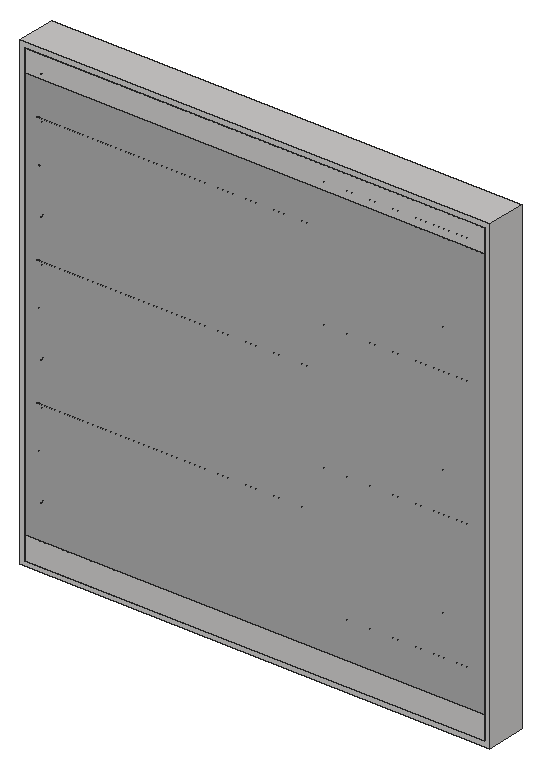
Revit family
Parameters (values of type "Louver_Frmd-Mtl_SFJ-445_All-Lite")
  URL = "http://www.alllite-louvers.com"
  Specifications = "http://www.alllite-louvers.com/catalog/ASFJ-445-csi-specification.doc"
  Spacing = 0.386 ft
  SmartBIM Object Version = 3  # constant formula
  SmartBIM Object Created By = "Reed Construction Data"  # constant formula
  Shim Thickness = 0.042 ft
  Screen Width = Width - (2 * Shim Thickness)  # 3.916 ft
  Screen Height = Height - ((2 * 0.197917 ft) + (2 * Shim Thickness))  # 3.520167 ft
  Screen = Aluminum
  Rough Width = 0.0 ft
  Rough Height = 0.0 ft
  Product URL = "http://www.alllite-louvers.com/catalog.php?model=SFJ-445"
  Pressure Loss (in.wg.) = "0.13"  # constant formula
  OmniClass Title = "Exterior Louvers and Grilles"  # constant formula
  OmniClass Code = "23-60 11 17"  # constant formula
  Model Number = "SFJ-445"  # constant formula
  Minimum Size = "12\" x 12\""
  Maximum Size - Single Section = "60\" x 120\" or 120\" x 60\""
  Maximum Size - Multiple Section = "Unlimited"
  Manufacturer = "All-Lite"  # constant formula
  Louver Width = Width - (2 * Shim Thickness) - 0.166667 ft  # 3.749333 ft
  Louver = Galvannealed Steel
  Height = 4.0 ft
  Free Area for 48”x48” Louver = "48.0%"
  Free Area Velocity (fpm) = "775"  # constant formula
  Free Area (ft²) for 48"x48" Louver = 7.7 ft
  Frame = Galvannealed Steel
  Default Sill Height = 3.0 ft
  Wall Closure = (empty or 0)
  Width = 4.0 ft
  Cut Sheet = "http://www.alllite-louvers.com/catalog/ASFJ445.pdf"
  Assembly Code = "B2010300"
  Air Volume Delivered (cfm) = "5,991"  # constant formula
  95 CSI = "10200 "  # constant formula
  04 CSI = "08 91 00"  # constant formula
  # of Louvers = (Height - 0.25 ft) / (Spacing)  # 10
Reference planes (ft)
  plane 1 "Center (Front/Back)": y = 0
  plane 2: z = 0.291667
  plane 3 "Center (Left/Right)": x = 0
  plane 4 "Left": x = -2
  plane 5 "Right": x = 2
  plane 6 "Sill": z = 3.291667
  plane 7 "Top": z = 7.291667
  plane 8: x = -1.958
  plane 9: x = 1.958
  plane 10: z = 7.249667
  plane 11: z = 3.333667
  plane 12: z = 5.291667
  plane 13: z = 3.417
  plane 14: z = 3.458667
  plane 15: z = 7.166333
Forms (ft)
  Sweep 1, solid, material "Galvannealed Steel" <- "Frame"
    path origin (-5, 0.333333, 0) x (-1, 0, 0) y (0, 0, 1)
      loop
        line (-6.958, 7.249667) -> (-3.042, 7.249667)
    profile "Horizontal Mullion : Horizontal Mullion" origin (0, 0.333333, 7.249667) x (0, 0, 1) y (0, 1, 0)
      loop
        line (0, 0) -> (-0.083333, 0) -> (-0.083333, -0.333211) -> (-0.197917, -0.333211) -> (-0.197917, -0.339961) -> (0, -0.339961) -> (0, -0.298295) -> (-0.00675, -0.298295) -> (-0.00675, -0.333211) -> (-0.076583, -0.333211) -> (-0.076583, -0.006628) -> (-0.00675, -0.006628) -> (-0.00675, -0.041545) -> (0, -0.041545) -> (0, 0)
  Sweep 2, solid, material "Galvannealed Steel" <- "Frame"
    path origin (-5, 0.333333, 0) x (-1, 0, 0) y (0, 0, 1)
      loop
        line (-6.958, 3.333667) -> (-3.042, 3.333667)
    profile "Horizontal Mullion : Horizontal Mullion" origin (0, 0.333333, 3.333667) x (0, 0, 1) y (0, 1, 0)
      loop
        line (0, 0) -> (0, -0.041545) -> (0.00675, -0.041545) -> (0.00675, -0.006628) -> (0.076583, -0.006628) -> (0.076583, -0.333211) -> (0.00675, -0.333211) -> (0.00675, -0.298295) -> (0, -0.298295) -> (0, -0.339961) -> (0.197917, -0.339961) -> (0.197917, -0.333211) -> (0.083333, -0.333211) -> (0.083333, 0) -> (0, 0)
  Sweep 3, solid, material "Galvannealed Steel" <- "Frame"
    path origin (-5, 0.333333, 0) x (-1, 0, 0) y (0, 0, 1)
      loop
        line (-6.958, 3.417) -> (-6.958, 7.166333)
    profile "Vertical Mullion : Vertical Mullion" origin (1.958, 0.333333, 5.291667) x (1, 0, 0) y (0, 1, 0)
      loop
        line (0, -0.302083) -> (-0.010417, -0.302083) -> (-0.010417, -0.322917) -> (-0.072917, -0.322917) -> (-0.072917, -0.010417) -> (-0.010417, -0.010417) -> (-0.010417, -0.03125) -> (0, -0.03125) -> (0, 0) -> (-0.083333, 0) -> (-0.083333, -0.333333) -> (0, -0.333333) -> (0, -0.302083)
  Sweep 4, solid, material "Galvannealed Steel" <- "Frame"
    path origin (5, 0.333333, 0) x (1, 0, 0) y (0, 0, -1)
      loop
        line (-6.958, -3.417) -> (-6.958, -7.166333)
    profile "Vertical Mullion : Vertical Mullion" origin (-1.958, 0.333333, 5.291667) x (1, 0, 0) y (0, 1, 0)
      loop
        line (0, -0.302083) -> (0, -0.333333) -> (0.083333, -0.333333) -> (0.083333, 0) -> (0, 0) -> (0, -0.03125) -> (0.010417, -0.03125) -> (0.010417, -0.010417) -> (0.072917, -0.010417) -> (0.072917, -0.322917) -> (0.010417, -0.322917) -> (0.010417, -0.302083) -> (0, -0.302083)
  Sweep 5, solid, material "Galvannealed Steel" <- "Frame"
    path origin (-5, 0.333333, 0) x (-1, 0, 0) y (0, 0, 1)
      loop
        line (-3, 7.291667) -> (-7, 7.291667) -> (-7, 3.291667) -> (-3, 3.291667) -> (-3, 7.291667)
    profile origin (-2, 0.333333, 5.291667) x (0, 1, 0) y (-1, 0, 0)
      loop
        line (0, 0) -> (-0.339961, 0) -> (-0.339961, -0.042) -> (0, -0.042) -> (0, 0)
  Extrusion 6, solid, material "Aluminum" <- "Screen"
    sketch origin (0, 0, 0) x (1, 0, 0) y (0, 1, 0)
      loop
        line (-1.958, 0) -> (-1.958, -0.006628) -> (1.958, -0.006628) -> (1.958, 0) -> (-1.958, 0)
    from 3.531583 to 7.05175
Lines and regions (ft)
  Opening 1
    outline origin (-5, -0.333333, 0) x (1, 0, 0) y (0, 0, 1)
      loop
        line (3, 7.291667) -> (3, 3.291667) -> (7, 3.291667) -> (7, 7.291667) -> (3, 7.291667)
  Masking region 1, detail levels fine
    outline origin (0, 0, 0) x (1, 0, 0) y (0, 1, 0)
      loop
        line (-1.958, 0.302083) -> (-1.947583, 0.302083) -> (-1.947583, 0.322917) -> (-1.885083, 0.322917) -> (-1.885083, 0.010417) -> (-1.947583, 0.010417) -> (-1.947583, 0.03125) -> (-1.958, 0.03125) -> (-1.958, 0) -> (-1.874667, 0) -> (-1.874667, 0.333333) -> (-1.958, 0.333333) -> (-1.958, 0.302083)
      loop
        line (1.947583, 0.302083) -> (1.958, 0.302083) -> (1.958, 0.333333) -> (1.874667, 0.333333) -> (1.874667, 0) -> (1.958, 0) -> (1.958, 0.03125) -> (1.947583, 0.03125) -> (1.947583, 0.010417) -> (1.885083, 0.010417) -> (1.885083, 0.322917) -> (1.947583, 0.322917) -> (1.947583, 0.302083)
  Masking region 2, detail levels coarse+medium
    outline origin (0, 0, 0) x (1, 0, 0) y (0, 1, 0)
      loop
        line (2, -0.006628) -> (2, 0.333333) -> (1.874667, 0.333333) -> (1.874667, -0.006628) -> (2, -0.006628)
      loop
        line (-2, -0.006628) -> (-1.874667, -0.006628) -> (-1.874667, 0.333333) -> (-2, 0.333333) -> (-2, -0.006628)
Text (ft)
  text "EXTERIOR" at (-4.890733, 4.242245, 0), in view "Ref. Level"
  text "INTERIOR" at (-4.890733, -3.147199, 0), in view "Ref. Level"
  text "Exterior" at (0, 3.638026, 10.266337), in view "Left"
  text "Exterior" at (0, 1.524487, 10.420622), in view "Right"
Dimensions and locks (ft)
  equal spacing: plane 4 "Left", plane 3 "Center (Left/Right)", plane 5 "Right"
  "Width": plane 4 "Left" to plane 5 "Right"
  "Height": plane 6 "Sill" to plane 7 "Top"
  "Default Sill Height": plane 2 to plane 6 "Sill"
  "Shim Thickness": plane 4 "Left" to plane 8
  "Shim Thickness": plane 9 to plane 5 "Right"
  "Shim Thickness": plane 10 to plane 7 "Top"
  "Shim Thickness": plane 6 "Sill" to plane 11
  equal spacing: plane 11, plane 12, plane 10
  locked: plane 13 to plane 11 at 0.083333
  locked: plane 14 to plane 13 at 0.041667
  equal spacing: group 1, group 3, group 4, group 5, group 6, group 7, group 8, group 9, group 10, group 2  (x3)
  locked: plane 10 to plane 15 at 0.083333
  aligned and locked: plane 7 "Top" to Opening 1 sketch curve
  aligned and locked: plane 6 "Sill" to Opening 1 sketch curve  (x2)
  aligned and locked: plane 5 "Right" to Opening 1 sketch curve
  aligned and locked: plane 4 "Left" to Opening 1 sketch curve
  aligned and locked: plane 10 to Sweep 1 sketch curve
  aligned and locked: plane 8 to Sweep 1 sketch curve
  aligned and locked: plane 9 to Sweep 1 sketch curve
  aligned and locked: Sweep 2 sketch curve to plane 11
  aligned and locked: plane 9 to Sweep 2 sketch curve
  aligned and locked: plane 8 to Sweep 2 sketch curve
  aligned and locked: plane 9 to Sweep 3 sketch curve
  aligned and locked: Sweep 4 sketch curve to plane 8
  aligned and locked: Sweep 1 to Sweep 4 sketch curve
  aligned and locked: Sweep 5 sketch curve to plane 4 "Left"
  aligned and locked: Sweep 5 sketch curve to plane 7 "Top"
  aligned and locked: Sweep 5 sketch curve to plane 6 "Sill"
  aligned and locked: Sweep 5 sketch curve to plane 5 "Right"
  aligned and locked: Sweep 5 sketch curve to host wall  (x2)
  aligned and locked: plane 8 to Sweep 5 sketch curve
  aligned and locked: plane 3 "Center (Left/Right)" to nested 1
  aligned and locked: Sweep 3 sketch curve to Sweep 1
  aligned and locked: plane 13 to Sweep 3 sketch curve
  aligned and locked: Extrusion 6 sketch curve to plane 8
  aligned and locked: Extrusion 6 sketch curve to Sweep 4
  aligned and locked: Extrusion 6 sketch curve to Sweep 2
  aligned and locked: plane 9 to Extrusion 6 sketch curve
  aligned and locked: Extrusion 6 to Sweep 2
  aligned and locked: Extrusion 6 to Sweep 1
  aligned and locked: plane 14 to nested 1
  aligned and locked: nested 1 to Sweep 4
  aligned and locked: nested 2 to Sweep 4
  aligned and locked: nested 2 to plane 15
  aligned and locked: Sweep 5 sketch curve to Sweep 2
  aligned and locked: Masking region 1 sketch curve to Sweep 4  (x9)
  aligned and locked: Sweep 5 to Masking region 1 sketch curve  (x2)
  aligned and locked: Extrusion 6 to Masking region 1 sketch curve
  aligned and locked: Masking region 1 sketch curve to Sweep 3  (x9)
  aligned and locked: Masking region 1 sketch curve to Sweep 5
  aligned and locked: Masking region 1 sketch curve to Extrusion 6
  aligned and locked: Masking region 2 sketch curve to Sweep 5  (x3)
  aligned and locked: Sweep 3 to Masking region 2 sketch curve
  aligned and locked: Masking region 2 sketch curve to Sweep 3
  aligned and locked: Sweep 5 to Masking region 2 sketch curve
  aligned and locked: Masking region 2 sketch curve to Sweep 4  (x2)
Automatic sketch dimensions
  Sweep 4 sketch curve to plane 13 = 0.0 ft
  Masking region 1 sketch curve to plane 9 = 0.0 ft  (x3)
Nested families (ft)
  nested 1: "Louver" at (0, 0.102022, 3.458667), type "Louver"
  nested 2: "Louver" at (0, 0.102022, 6.731384), type "Louver"
  nested 3: "Louver" at (0, 0.102022, 3.822302), type "Louver"
  nested 4: "Louver" at (0, 0.102022, 4.185937), type "Louver"
  nested 5: "Louver" at (0, 0.102022, 4.549572), type "Louver"
  nested 6: "Louver" at (0, 0.102022, 4.913208), type "Louver"
  nested 7: "Louver" at (0, 0.102022, 5.276843), type "Louver"
  nested 8: "Louver" at (0, 0.102022, 5.640478), type "Louver"
  nested 9: "Louver" at (0, 0.102022, 6.004113), type "Louver"
  nested 10: "Louver" at (0, 0.102022, 6.367749), type "Louver"
Connectors (ft)
  hvac at (0, -0.006628, 5.291667), driven by "Screen Width", driven by "Screen Height"
    settings: on Extrusion 6, index 1
Definition of nested family "Louver"
  Parameters (values of type "Louver")
    Louver Length = 3.75 ft
    Louver Array = yes
    Louver = All-Lite - El Cajon Silver
    Assembly Code = ""
  Reference planes (ft)
    plane 1 "Center (Front/Back)": y = -0.085938
    plane 2: z = 0
    plane 3 "Center (Left/Right)": x = 0
    plane 4: x = -1.875
    plane 5: x = 1.875
    plane 6: y = 0.220894
    plane 7: z = 0.43495
  Forms (ft)
    Extrusion 1, solid, material "All-Lite - El Cajon Silver" <- "Louver"
      sketch origin (0, -0.026502, 0) x (0, 1, 0) y (0, 0, 1)
        loop
          line (0.242187, 0.061332) -> (0.242187, 0.010417)
          arc (0.242187, 0.010417) -> (0.240662, 0.006734) -> (0.236979, 0.005208) r 0.005208
          line (0.236979, 0.005208) -> (0.216146, 0.005208)
          arc (0.216146, 0.005208) -> (0.213542, 0.002604) -> (0.216146, 0) r 0.002604
          line (0.216146, 0) -> (0.242187, 0)
          arc (0.242187, 0) -> (0.24587, 0.001525) -> (0.247396, 0.005208) r 0.005208
          line (0.247396, 0.005208) -> (0.247396, 0.063489) -> (0.20862, 0.102265) -> (0.204935, 0.116019)
          arc (0.204935, 0.116019) -> (0.203587, 0.118354) -> (0.201252, 0.119702) r 0.005208
          line (0.201252, 0.119702) -> (0.187498, 0.123387) -> (-0.004114, 0.314999) -> (-0.007799, 0.328753)
          arc (-0.007799, 0.328753) -> (-0.009147, 0.331088) -> (-0.011482, 0.332436) r 0.005208
          line (-0.011482, 0.332436) -> (-0.021679, 0.335168) -> (-0.058603, 0.372092)
          arc (-0.058603, 0.372092) -> (-0.059732, 0.373782) -> (-0.060128, 0.375775) r 0.005208
          line (-0.060128, 0.375775) -> (-0.060128, 0.424533)
          arc (-0.060128, 0.424533) -> (-0.058603, 0.428216) -> (-0.05492, 0.429741) r 0.005208
          line (-0.05492, 0.429741) -> (-0.034087, 0.429741)
          arc (-0.034087, 0.429741) -> (-0.031482, 0.432345) -> (-0.034087, 0.43495) r 0.002604
          line (-0.034087, 0.43495) -> (-0.060128, 0.43495)
          arc (-0.060128, 0.43495) -> (-0.063811, 0.433424) -> (-0.065337, 0.429741) r 0.005208
          line (-0.065337, 0.429741) -> (-0.065337, 0.373618)
          arc (-0.065337, 0.373618) -> (-0.06494, 0.371624) -> (-0.063811, 0.369935) r 0.005208
          line (-0.063811, 0.369935) -> (-0.029872, 0.335995) -> (-0.025233, 0.318684)
          arc (-0.025233, 0.318684) -> (-0.023885, 0.31635) -> (-0.021551, 0.315002) r 0.005208
          line (-0.021551, 0.315002) -> (-0.007797, 0.311316) -> (0.183815, 0.119704) -> (0.1875, 0.105951)
          arc (0.1875, 0.105951) -> (0.188848, 0.103616) -> (0.191183, 0.102268) r 0.005208
          line (0.191183, 0.102268) -> (0.204937, 0.098582) -> (0.242187, 0.061332)
        loop
          line (0.189833, 0.117369) -> (0.191753, 0.110203)
          arc (0.191753, 0.110203) -> (0.193101, 0.107868) -> (0.195436, 0.10652) r 0.005208
          line (0.195436, 0.10652) -> (0.202602, 0.1046) -> (0.200682, 0.111766)
          arc (0.200682, 0.111766) -> (0.199334, 0.114101) -> (0.196999, 0.115449) r 0.005208
          line (0.196999, 0.115449) -> (0.189833, 0.117369)
        loop
          line (-0.022901, 0.330103) -> (-0.020981, 0.322937)
          arc (-0.020981, 0.322937) -> (-0.019633, 0.320602) -> (-0.017298, 0.319254) r 0.005208
          line (-0.017298, 0.319254) -> (-0.010132, 0.317334) -> (-0.012052, 0.3245)
          arc (-0.012052, 0.3245) -> (-0.0134, 0.326835) -> (-0.015735, 0.328183) r 0.005208
          line (-0.015735, 0.328183) -> (-0.022901, 0.330103)
      from -1.875 to 1.875
  Dimensions and locks (ft)
    equal spacing: plane 4, plane 3 "Center (Left/Right)", plane 5
    "Louver Length": plane 4 to plane 5
    aligned and locked: plane 5 to Extrusion 1
    aligned and locked: Extrusion 1 to plane 4
  Automatic sketch dimensions
    Extrusion 1 sketch curve to level = 0.0 ft
    Extrusion 1 sketch curve to plane 6 = 0.0 ft
    Extrusion 1 sketch curve to plane 6 = 0.005208 ft
    Extrusion 1 sketch curve to Extrusion 1 sketch curve = 0.0 ft
    Extrusion 1 sketch curve to Extrusion 1 sketch curve = 0.005208 ft  (x2)
    level to Extrusion 1 sketch curve = 0.005208 ft
    Extrusion 1 sketch curve to Extrusion 1 sketch curve = 0.020833 ft
    Extrusion 1 sketch curve to plane 6 = 0.038776 ft
    Extrusion 1 sketch curve to Extrusion 1 sketch curve = 0.003683 ft  (x10)
    Extrusion 1 sketch curve to Extrusion 1 sketch curve = 0.003685 ft  (x4)
    Extrusion 1 sketch curve to Extrusion 1 sketch curve = 0.002335 ft  (x4)
    Extrusion 1 sketch curve to Extrusion 1 sketch curve = 0.004253 ft  (x2)
    Extrusion 1 sketch curve to Extrusion 1 sketch curve = 0.000778 ft  (x7)
    Extrusion 1 sketch curve to Extrusion 1 sketch curve = 0.002905 ft  (x7)
    Extrusion 1 sketch curve to Extrusion 1 sketch curve = 0.003898 ft  (x2)
    Extrusion 1 sketch curve to Extrusion 1 sketch curve = 0.001133 ft  (x4)
    Extrusion 1 sketch curve to Extrusion 1 sketch curve = 0.000215 ft  (x3)
    Extrusion 1 sketch curve to Extrusion 1 sketch curve = 0.001348 ft  (x4)
    Extrusion 1 sketch curve to Extrusion 1 sketch curve = 0.007166 ft
    Extrusion 1 sketch curve to Extrusion 1 sketch curve = 0.005031 ft  (x2)
    Extrusion 1 sketch curve to plane 1 "Center (Front/Back)" = 0.055322 ft
    Extrusion 1 sketch curve to Extrusion 1 sketch curve = 0.005944 ft
    Extrusion 1 sketch curve to Extrusion 1 sketch curve = 0.001223 ft
    Extrusion 1 sketch curve to Extrusion 1 sketch curve = 0.008193 ft
    Extrusion 1 sketch curve to plane 1 "Center (Front/Back)" = 0.025349 ft
    Extrusion 1 sketch curve to plane 1 "Center (Front/Back)" = 0.004516 ft  (x2)
    Extrusion 1 sketch curve to plane 1 "Center (Front/Back)" = 0.000833 ft
    plane 1 "Center (Front/Back)" to Extrusion 1 sketch curve = 0.000692 ft  (x3)
    plane 1 "Center (Front/Back)" to Extrusion 1 sketch curve = 0.004375 ft
    Extrusion 1 sketch curve to Extrusion 1 sketch curve = 0.001525 ft  (x2)
    Extrusion 1 sketch curve to Extrusion 1 sketch curve = 0.050915 ft
    Extrusion 1 sketch curve to Extrusion 1 sketch curve = 0.002157 ft
    Extrusion 1 sketch curve to Extrusion 1 sketch curve = 0.03725 ft
    Extrusion 1 sketch curve to Extrusion 1 sketch curve = 0.006018 ft  (x2)
    Extrusion 1 sketch curve to Extrusion 1 sketch curve = 0.00192 ft  (x2)
    Extrusion 1 sketch curve to Extrusion 1 sketch curve = 0.005064 ft
    Extrusion 1 sketch curve to Extrusion 1 sketch curve = 0.000828 ft
    Extrusion 1 sketch curve to Extrusion 1 sketch curve = 0.033939 ft
    Extrusion 1 sketch curve to Extrusion 1 sketch curve = 0.048758 ft
    Extrusion 1 sketch curve to plane 7 = 0.0 ft
    Extrusion 1 sketch curve to Extrusion 1 sketch curve = 0.016867 ft
